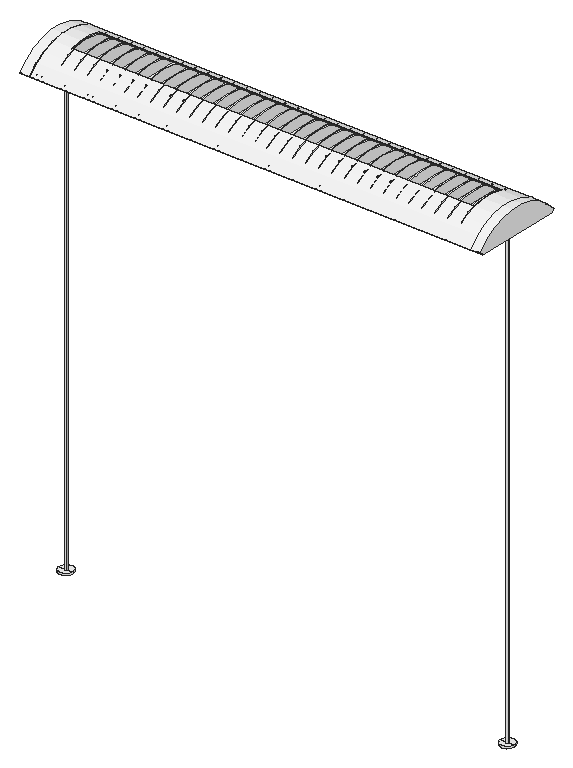
Revit family "CVRB-CM", category Lighting Fixtures, host Face, Revit 2013
Parameters (values of type "CVRB-1T8-EPU")
  Watts = 29 W
  Wattage = 29 W
  built-in parameter 1150110 = 1 (stored number, unit not read)
  Voltage = 120 V
  built-in parameter 1114217 = 1 (stored number, unit not read)
  Tilt Angle = -90.00°  # constant formula
  built-in parameter 1150109 = 1 (stored number, unit not read)
  built-in parameter 1150134 = (empty or 0)
  Suspension Height = 48"
  Wattage Comments = ""
  URL = "https://www.hubbell.com/aleralighting/en/"
  built-in parameter 1150113 = 1 (stored number, unit not read)
  Product Page URL = "https://www.hubbell.com/aleralighting/en/Products/Lighting-Controls/Commercial-Indoor-Lighting/Pendant-Lighting/CVR-B/p/19961"
  Product Documentation Link = "https://hubbellcdn.com/specsheet/cvrb.pdf"
  Power Factor = 1
  Photometric Web Link = "https://www.hubbell.com/aleralighting/en/Products/Lighting-Controls/Commercial-Indoor-Lighting/Pendant-Lighting/CVR-B/p/19961"
  Photometric Web File = "CVRB-1T8-EPU.ies"
  Photometric Notes = "More IES files download on Photometric Web Link"  # constant formula
  Model = "CVRB"  # constant formula
  Manufacturer = "Alera Lighting"  # constant formula
  Row Length = 48"
  built-in parameter 1150105 = 246.68 (stored number, unit not read)
  Lumens = 3099.81 lm
  built-in parameter 1150115 = 1 (stored number, unit not read)
  Load Classification = Lighting
  built-in parameter 1150137 = (empty or 0)
  built-in parameter 1150139 = (empty or 0)
  built-in parameter 1150112 = 1 (stored number, unit not read)
  built-in parameter 1150114 = 1 (stored number, unit not read)
  Lamp = "T5, T5HO, T8"  # constant formula
  Lamp Type = "One T8 Lamp"
  built-in parameter 1150132 = (empty or 0)
  built-in parameter 1150102 = (empty or 0)
  built-in parameter 1150107 = 3500 (stored number, unit not read)
  built-in parameter 1150138 = (empty or 0)
  built-in parameter 1150106 = 2.4668 (stored number, unit not read)
  Glass = Hubbell - White Glass
  Emit from Rectangle Width = 7"  # constant formula
  Emit from Rectangle Length = Row Length - 2"  # 46"
  Emit Shape Visible in Rendering = no
  built-in parameter 1150104 = 9.9304 (stored number, unit not read)
  Dimming Lamp Color Temperature Shift = <None>
  Description = "An attractive curvature shape with white-painted baffles that span the radius of the luminaire housing is delivered with the Curv Radial Baffle"  # constant formula
  Default Elevation = 48"
  Contact Us = "https://www.hubbell.com/aleralighting/en/contactUs"
  Color Filter = 16777215
  built-in parameter 1114218 = 1 (stored number, unit not read)
  Housing Material = Hubbell - White
  built-in parameter 1150133 = 10 (stored number, unit not read)
  Assembly Code = "D5020200"
  Apparent Load = Watts / Power Factor  # 29 VA
Types (5): name | Watts | Wattage | Photometric Web File | built-in parameter 1150105 | Lumens | Lamp Type | built-in parameter 1150106 | built-in parameter 1150104 | Apparent Load
  (no name) | 29 W | 29 W | "CVRB-1T8-EPU.ies" | 246.68 (stored number, unit not read) | 3099.81 lm | "One T8 Lamp" | 2.4668 (stored number, unit not read) | 9.9304 (stored number, unit not read) | 29 VA
  CVRB-1T8-EPU | 29 W | 29 W | "CVRB-1T8-EPU.ies" | 246.68 (stored number, unit not read) | 3099.81 lm | "One T8 Lamp" | 2.4668 (stored number, unit not read) | 9.9304 (stored number, unit not read) | 29 VA
  CVRB-2T5HO-EPU | 125 W | 125 W | "CVRB-2T5HO-EPU.ies" | 354.12 (stored number, unit not read) | 4450 lm | "Two T5HO Lamps" | 3.5412 (stored number, unit not read) | 3.3073 (stored number, unit not read) | 125 VA
  CVRB-3T8-EPU | 84 W | 84 W | "CVRB-3T8-EPU.ies" | 246.66 (stored number, unit not read) | 3099.6 lm | "Three T8 Lamps" | 2.4666 (stored number, unit not read) | 3.4281 (stored number, unit not read) | 84 VA
  CVRB-4-2T5-WCB-EPU | 63 W | 63 W | "CVRB-4-2T5-WCB-EPU.ies" | 206.85 (stored number, unit not read) | 2599.38 lm | "Two T5 Lamps" | 2.0685 (stored number, unit not read) | 3.8332 (stored number, unit not read) | 63 VA
Reference planes (in)
  plane 1 "Center (Front/Back)": y = 0.03999
  plane 2: z = 0
  plane 3 "Center (Left/Right)": x = 1.66944
  plane 4: x = -22.33056
  plane 5: x = 25.66944
  plane 6: z = 48
  plane 7: x = -21.33056
  plane 8: x = 24.66944
  plane 9: z = 48.5
Forms (in)
  Revolve 1, solid, material "Hubbell - White" <- "Housing Material"
    sketch origin (0, 0.03999, 0) x (1, 0, 0) y (0, 0, 1)
      loop
        line (-21.33056, 48) -> (-21.33056, 0) -> (-20.59744, 0) -> (-20.59744, 0.15062) -> (-21.20556, 0.15062) -> (-21.20556, 47.90062) -> (-20.98741, 47.90062) -> (-20.98741, 48) -> (-21.33056, 48)
      axis (-21.33056, 48) -> (-21.33056, 0)
    angle from 0 to 360
  Revolve 2, solid, material "Hubbell - White" <- "Housing Material"
    sketch origin (0, 0.03999, 0) x (1, 0, 0) y (0, 0, 1)
      loop
        line (24.66944, 48) -> (24.66944, 0) -> (25.40256, 0) -> (25.40256, 0.15062) -> (24.79444, 0.15062) -> (24.79444, 47.90062) -> (25.01259, 47.90062) -> (25.01259, 48) -> (24.66944, 48)
      axis (24.66944, 48) -> (24.66944, 0)
    angle from 0 to 360
Dimensions and locks (in)
  equal spacing: plane 5, plane 3 "Center (Left/Right)", plane 4
  "Suspension Height": plane 6 to level
  equal spacing: plane 8, plane 3 "Center (Left/Right)", plane 7
  locked: plane 7 to plane 4 at 1
  "Row Length": plane 5 to plane 4
  locked: plane 9 to plane 6 at 0.5
  aligned and locked: plane 2 to host face
  aligned and locked: level to host face
  aligned and locked: Revolve 1 sketch curve to plane 7
  aligned and locked: Revolve 1 sketch curve to plane 6
  aligned and locked: host face to Revolve 1 sketch curve
  aligned and locked: Revolve 1 sketch curve to Revolve 1 sketch curve
  aligned and locked: Revolve 2 sketch curve to Revolve 2 sketch curve
  aligned and locked: plane 8 to Revolve 2 sketch curve
  aligned and locked: plane 1 "Center (Front/Back)" to nested 1
  aligned and locked: plane 3 "Center (Left/Right)" to nested 1
  aligned and locked: plane 9 to imposter light
  aligned and locked: imposter light to plane 1 "Center (Front/Back)"
Automatic sketch dimensions
  host sketch curve to host sketch curve = 96"  (x2)
  Revolve 1 sketch curve to plane 6 = 0.09938"
  plane 7 to Revolve 1 sketch curve = 1/8"
  Revolve 1 sketch curve to Revolve 1 sketch curve = 0.21815"
  Revolve 1 sketch curve to Revolve 1 sketch curve = 0.60812"
  Revolve 1 sketch curve to level = 8"
  Revolve 1 sketch curve to Revolve 1 sketch curve = 0.15062"
  Revolve 1 sketch curve to Revolve 1 sketch curve = 2 1/2"
  Revolve 2 sketch curve to plane 6 = 0"
  Revolve 2 sketch curve to level = 0"
  Revolve 2 sketch curve to plane 6 = 0.09938"
  Revolve 2 sketch curve to plane 8 = 1/8"
  Revolve 2 sketch curve to Revolve 2 sketch curve = 0.21815"
  Revolve 2 sketch curve to plane 5 = 0.26688"
  Revolve 2 sketch curve to Revolve 2 sketch curve = 8"
  level to Revolve 2 sketch curve = 0.15062"
  Revolve 2 sketch curve to Revolve 2 sketch curve = 2 1/2"
Nested families (in)
  nested 1: "CVRB-Housing" at (3.71711, 0, 48), Opal Lens <- "Glass", Backbox <- "Housing Material", type "CVRB"
    with Opal Lens Hubbell - White Glass, Backbox Hubbell - White, Row Length 48"
Connectors (in)
  electrical at (-21.33056, 0.03999, 0.15062), driven by "Load Classification", driven by "Voltage", driven by "Apparent Load", driven by "Power Factor"
    settings: on Revolve 1, index 1, voltage 120 V, apparent load 29 VA, apparent load phase1 0 VA, apparent load phase2 0 VA, apparent load phase3 0 VA, power factor 1, load classification "Lighting", number of poles 1, system type 30, power factor state 1, is connector primary yes, connector utility no, sub classification motor no, connector description "Lighting Connector"
Definition of nested family "CVRB-Housing"
  Parameters (values of type "CVRB")
    Wattage Comments = ""
    URL = ""
    Row Length = 144"
    Model = ""
    Manufacturer = ""
    Lamp = ""
    Opal Lens [instance] = none
    Description = ""
    Default Elevation = 48"
    Backbox [instance] = none
  Reference planes (in)
    plane 1 "Center (Front/Back)": y = 0.03999
    plane 2: z = 0
    plane 3 "Center (Left/Right)": x = -2.04767
    plane 4: x = -74.04767
    plane 5: x = 69.95233
    plane 6: x = -73.04767
    plane 7: x = 68.95233
    plane 8: y = 4.78999
    plane 9: y = -4.71001
    plane 10: z = 2.5
    plane 11: z = 2.425
    plane 12: x = -71.04767
    plane 13: x = 66.95233
    plane 14: z = 1.375
    plane 15: x = -70.94767
    plane 16: x = 66.85233
    plane 17: x = -70.84767
  Forms (in)
    Extrusion 1, solid
      sketch origin (0, 0, 0.06357) x (1, 0, 0) y (0, 1, 0)
        loop
          line (-52.04767, 48) -> (-52.04767, -48) -> (47.95233, -48) -> (47.95233, 48) -> (-52.04767, 48)
      from -0.06357 to -6.06357
    Extrusion 2, solid, material <- "Backbox"
      sketch origin (-2.04767, 0, 0) x (0, 1, 0) y (0, 0, 1)
        loop
          line (4.53999, 0) -> (4.78999, 0.25)
          arc (4.78999, 0.25) -> (0.03999, 2.5) -> (-4.71001, 0.25) r 6.13889
          line (-4.71001, 0.25) -> (-4.46001, 0) -> (0.03999, 0) -> (4.53999, 0)
      from 71 to 72
    Extrusion 3, solid, material <- "Backbox"
      sketch origin (-2.04767, 0, 0) x (0, 1, 0) y (0, 0, 1)
        loop
          line (4.53999, 0) -> (4.78999, 0.25)
          arc (4.78999, 0.25) -> (0.03999, 2.5) -> (-4.71001, 0.25) r 6.13889
          line (-4.71001, 0.25) -> (-4.46001, 0) -> (4.53999, 0)
      from -72 to -71
    Extrusion 4, solid, material <- "Backbox"
      sketch origin (-2.04767, 0, 0) x (0, 1, 0) y (0, 0, 1)
        loop
          line (4.03999, 0) -> (4.28999, 0.25) -> (4.53999, 0) -> (4.78999, 0.25)
          arc (4.78999, 0.25) -> (0.03999, 2.5) -> (-4.71001, 0.25) r 6.13889
          line (-4.71001, 0.25) -> (-4.46001, 0) -> (-4.21001, 0.25) -> (-3.96001, 0) -> (-3.76063, 0) -> (-3.17626, 1.3125) -> (3.25625, 1.3125) -> (3.84061, 0) -> (4.03999, 0)
        loop
          arc (4.72145, 0.25328) -> (0.03999, 2.44922) -> (-4.64147, 0.25328) r 6.08811
          line (-4.64147, 0.25328) -> (-4.46001, 0.07182) -> (-4.21001, 0.32182) -> (-3.93897, 0.05078) -> (-3.79823, 0.05078) -> (-3.20865, 1.375) -> (3.28864, 1.375) -> (3.87822, 0.05078) -> (4.01896, 0.05078) -> (4.28999, 0.32182) -> (4.53999, 0.07182) -> (4.72145, 0.25328)
      from -71 to 71
    Extrusion 5, void
      sketch origin (-2.04767, 0, 0) x (0, 1, 0) y (0, 0, 1)
        loop
          arc (-1.73213, 2.15292) -> (0.03999, 2.41797) -> (1.81212, 2.15292) r 6.05686
          line (1.81212, 2.15292) -> (1.81212, 2.27129)
          arc (1.81212, 2.27129) -> (0.03999, 2.53125) -> (-1.73213, 2.27129) r 6.17014
          line (-1.73213, 2.27129) -> (-1.73213, 2.15292)
      from -69 to 69
    Extrusion 6, solid, material <- "Opal Lens"
      sketch origin (-2.04767, 0, 0) x (0, 1, 0) y (0, 0, 1)
        loop
          arc (-1.73213, 2.1856) -> (0.03999, 2.44922) -> (1.81212, 2.1856) r 6.08811
          line (1.81212, 2.1856) -> (1.81212, 2.23866)
          arc (1.81212, 2.23866) -> (0.03999, 2.5) -> (-1.73213, 2.23866) r 6.13889
          line (-1.73213, 2.23866) -> (-1.73213, 2.1856)
      from -69 to 69
    Extrusion 7, solid, material <- "Backbox"
      sketch origin (-2.04767, 0, 0) x (0, 1, 0) y (0, 0, 1)
        loop
          line (3.84061, 0) -> (3.25625, 1.3125) -> (2.03999, 1.3125) -> (2.03999, 0) -> (3.84061, 0)
        loop
          line (-3.76063, 0) -> (-1.96001, 0) -> (-1.96001, 1.3125) -> (-3.17626, 1.3125) -> (-3.76063, 0)
      from -71 to 71
    Extrusion 8, solid, material <- "Backbox"
      sketch origin (-46.94767, 5.28781, 48) x (0, 1, 0) y (0, 0, 1)
        loop
          arc (-1.79442, -46.625) -> (-5.24782, -45.55078) -> (-8.70122, -46.625) r 6.08811
          line (-8.70122, -46.625) -> (-1.79442, -46.625)
      from -24 to -23.9
    Extrusion 9, solid, material <- "Backbox"
      sketch origin (90.75233, 5.28781, 48) x (0, 1, 0) y (0, 0, 1)
        loop
          arc (-1.79442, -46.625) -> (-5.24782, -45.55078) -> (-8.70122, -46.625) r 6.08811
          line (-8.70122, -46.625) -> (-1.79442, -46.625)
      from -24 to -23.9
    Extrusion 10, solid, material <- "Backbox"
      sketch origin (-42.50574, 5.28781, 48) x (0, 1, 0) y (0, 0, 1)
        loop
          arc (-1.79442, -46.625) -> (-5.24782, -45.55078) -> (-8.70122, -46.625) r 6.08811
          line (-8.70122, -46.625) -> (-1.79442, -46.625)
      from -24 to -23.9
    Extrusion 11, solid, material <- "Backbox"
      sketch origin (-38.0638, 5.28781, 48) x (0, 1, 0) y (0, 0, 1)
        loop
          arc (-1.79442, -46.625) -> (-5.24782, -45.55078) -> (-8.70122, -46.625) r 6.08811
          line (-8.70122, -46.625) -> (-1.79442, -46.625)
      from -24 to -23.9
    Extrusion 12, solid, material <- "Backbox"
      sketch origin (-33.62186, 5.28781, 48) x (0, 1, 0) y (0, 0, 1)
        loop
          arc (-1.79442, -46.625) -> (-5.24782, -45.55078) -> (-8.70122, -46.625) r 6.08811
          line (-8.70122, -46.625) -> (-1.79442, -46.625)
      from -24 to -23.9
    Extrusion 13, solid, material <- "Backbox"
      sketch origin (-29.17993, 5.28781, 48) x (0, 1, 0) y (0, 0, 1)
        loop
          arc (-1.79442, -46.625) -> (-5.24782, -45.55078) -> (-8.70122, -46.625) r 6.08811
          line (-8.70122, -46.625) -> (-1.79442, -46.625)
      from -24 to -23.9
    Extrusion 14, solid, material <- "Backbox"
      sketch origin (-24.73799, 5.28781, 48) x (0, 1, 0) y (0, 0, 1)
        loop
          arc (-1.79442, -46.625) -> (-5.24782, -45.55078) -> (-8.70122, -46.625) r 6.08811
          line (-8.70122, -46.625) -> (-1.79442, -46.625)
      from -24 to -23.9
    Extrusion 15, solid, material <- "Backbox"
      sketch origin (-20.29606, 5.28781, 48) x (0, 1, 0) y (0, 0, 1)
        loop
          arc (-1.79442, -46.625) -> (-5.24782, -45.55078) -> (-8.70122, -46.625) r 6.08811
          line (-8.70122, -46.625) -> (-1.79442, -46.625)
      from -24 to -23.9
    Extrusion 16, solid, material <- "Backbox"
      sketch origin (-15.85412, 5.28781, 48) x (0, 1, 0) y (0, 0, 1)
        loop
          arc (-1.79442, -46.625) -> (-5.24782, -45.55078) -> (-8.70122, -46.625) r 6.08811
          line (-8.70122, -46.625) -> (-1.79442, -46.625)
      from -24 to -23.9
    Extrusion 17, solid, material <- "Backbox"
      sketch origin (-11.41219, 5.28781, 48) x (0, 1, 0) y (0, 0, 1)
        loop
          arc (-1.79442, -46.625) -> (-5.24782, -45.55078) -> (-8.70122, -46.625) r 6.08811
          line (-8.70122, -46.625) -> (-1.79442, -46.625)
      from -24 to -23.9
    Extrusion 18, solid, material <- "Backbox"
      sketch origin (-6.97025, 5.28781, 48) x (0, 1, 0) y (0, 0, 1)
        loop
          arc (-1.79442, -46.625) -> (-5.24782, -45.55078) -> (-8.70122, -46.625) r 6.08811
          line (-8.70122, -46.625) -> (-1.79442, -46.625)
      from -24 to -23.9
    Extrusion 19, solid, material <- "Backbox"
      sketch origin (-2.52832, 5.28781, 48) x (0, 1, 0) y (0, 0, 1)
        loop
          arc (-1.79442, -46.625) -> (-5.24782, -45.55078) -> (-8.70122, -46.625) r 6.08811
          line (-8.70122, -46.625) -> (-1.79442, -46.625)
      from -24 to -23.9
    Extrusion 20, solid, material <- "Backbox"
      sketch origin (1.91362, 5.28781, 48) x (0, 1, 0) y (0, 0, 1)
        loop
          arc (-1.79442, -46.625) -> (-5.24782, -45.55078) -> (-8.70122, -46.625) r 6.08811
          line (-8.70122, -46.625) -> (-1.79442, -46.625)
      from -24 to -23.9
    Extrusion 21, solid, material <- "Backbox"
      sketch origin (6.35556, 5.28781, 48) x (0, 1, 0) y (0, 0, 1)
        loop
          arc (-1.79442, -46.625) -> (-5.24782, -45.55078) -> (-8.70122, -46.625) r 6.08811
          line (-8.70122, -46.625) -> (-1.79442, -46.625)
      from -24 to -23.9
    Extrusion 22, solid, material <- "Backbox"
      sketch origin (10.79749, 5.28781, 48) x (0, 1, 0) y (0, 0, 1)
        loop
          arc (-1.79442, -46.625) -> (-5.24782, -45.55078) -> (-8.70122, -46.625) r 6.08811
          line (-8.70122, -46.625) -> (-1.79442, -46.625)
      from -24 to -23.9
    Extrusion 23, solid, material <- "Backbox"
      sketch origin (15.23943, 5.28781, 48) x (0, 1, 0) y (0, 0, 1)
        loop
          arc (-1.79442, -46.625) -> (-5.24782, -45.55078) -> (-8.70122, -46.625) r 6.08811
          line (-8.70122, -46.625) -> (-1.79442, -46.625)
      from -24 to -23.9
    Extrusion 24, solid, material <- "Backbox"
      sketch origin (19.68136, 5.28781, 48) x (0, 1, 0) y (0, 0, 1)
        loop
          arc (-1.79442, -46.625) -> (-5.24782, -45.55078) -> (-8.70122, -46.625) r 6.08811
          line (-8.70122, -46.625) -> (-1.79442, -46.625)
      from -24 to -23.9
    Extrusion 25, solid, material <- "Backbox"
      sketch origin (24.1233, 5.28781, 48) x (0, 1, 0) y (0, 0, 1)
        loop
          arc (-1.79442, -46.625) -> (-5.24782, -45.55078) -> (-8.70122, -46.625) r 6.08811
          line (-8.70122, -46.625) -> (-1.79442, -46.625)
      from -24 to -23.9
    Extrusion 26, solid, material <- "Backbox"
      sketch origin (28.56523, 5.28781, 48) x (0, 1, 0) y (0, 0, 1)
        loop
          arc (-1.79442, -46.625) -> (-5.24782, -45.55078) -> (-8.70122, -46.625) r 6.08811
          line (-8.70122, -46.625) -> (-1.79442, -46.625)
      from -24 to -23.9
    Extrusion 27, solid, material <- "Backbox"
      sketch origin (33.00717, 5.28781, 48) x (0, 1, 0) y (0, 0, 1)
        loop
          arc (-1.79442, -46.625) -> (-5.24782, -45.55078) -> (-8.70122, -46.625) r 6.08811
          line (-8.70122, -46.625) -> (-1.79442, -46.625)
      from -24 to -23.9
    Extrusion 28, solid, material <- "Backbox"
      sketch origin (37.4491, 5.28781, 48) x (0, 1, 0) y (0, 0, 1)
        loop
          arc (-1.79442, -46.625) -> (-5.24782, -45.55078) -> (-8.70122, -46.625) r 6.08811
          line (-8.70122, -46.625) -> (-1.79442, -46.625)
      from -24 to -23.9
    Extrusion 29, solid, material <- "Backbox"
      sketch origin (41.89104, 5.28781, 48) x (0, 1, 0) y (0, 0, 1)
        loop
          arc (-1.79442, -46.625) -> (-5.24782, -45.55078) -> (-8.70122, -46.625) r 6.08811
          line (-8.70122, -46.625) -> (-1.79442, -46.625)
      from -24 to -23.9
    Extrusion 30, solid, material <- "Backbox"
      sketch origin (46.33297, 5.28781, 48) x (0, 1, 0) y (0, 0, 1)
        loop
          arc (-1.79442, -46.625) -> (-5.24782, -45.55078) -> (-8.70122, -46.625) r 6.08811
          line (-8.70122, -46.625) -> (-1.79442, -46.625)
      from -24 to -23.9
    Extrusion 31, solid, material <- "Backbox"
      sketch origin (50.77491, 5.28781, 48) x (0, 1, 0) y (0, 0, 1)
        loop
          arc (-1.79442, -46.625) -> (-5.24782, -45.55078) -> (-8.70122, -46.625) r 6.08811
          line (-8.70122, -46.625) -> (-1.79442, -46.625)
      from -24 to -23.9
    Extrusion 32, solid, material <- "Backbox"
      sketch origin (55.21685, 5.28781, 48) x (0, 1, 0) y (0, 0, 1)
        loop
          arc (-1.79442, -46.625) -> (-5.24782, -45.55078) -> (-8.70122, -46.625) r 6.08811
          line (-8.70122, -46.625) -> (-1.79442, -46.625)
      from -24 to -23.9
    Extrusion 33, solid, material <- "Backbox"
      sketch origin (59.65878, 5.28781, 48) x (0, 1, 0) y (0, 0, 1)
        loop
          arc (-1.79442, -46.625) -> (-5.24782, -45.55078) -> (-8.70122, -46.625) r 6.08811
          line (-8.70122, -46.625) -> (-1.79442, -46.625)
      from -24 to -23.9
    Extrusion 34, solid, material <- "Backbox"
      sketch origin (64.10072, 5.28781, 48) x (0, 1, 0) y (0, 0, 1)
        loop
          arc (-1.79442, -46.625) -> (-5.24782, -45.55078) -> (-8.70122, -46.625) r 6.08811
          line (-8.70122, -46.625) -> (-1.79442, -46.625)
      from -24 to -23.9
    Extrusion 35, solid, material <- "Backbox"
      sketch origin (68.54265, 5.28781, 48) x (0, 1, 0) y (0, 0, 1)
        loop
          arc (-1.79442, -46.625) -> (-5.24782, -45.55078) -> (-8.70122, -46.625) r 6.08811
          line (-8.70122, -46.625) -> (-1.79442, -46.625)
      from -24 to -23.9
    Extrusion 36, solid, material <- "Backbox"
      sketch origin (72.98459, 5.28781, 48) x (0, 1, 0) y (0, 0, 1)
        loop
          arc (-1.79442, -46.625) -> (-5.24782, -45.55078) -> (-8.70122, -46.625) r 6.08811
          line (-8.70122, -46.625) -> (-1.79442, -46.625)
      from -24 to -23.9
    Extrusion 37, solid, material <- "Backbox"
      sketch origin (77.42652, 5.28781, 48) x (0, 1, 0) y (0, 0, 1)
        loop
          arc (-1.79442, -46.625) -> (-5.24782, -45.55078) -> (-8.70122, -46.625) r 6.08811
          line (-8.70122, -46.625) -> (-1.79442, -46.625)
      from -24 to -23.9
    Extrusion 38, solid, material <- "Backbox"
      sketch origin (81.86846, 5.28781, 48) x (0, 1, 0) y (0, 0, 1)
        loop
          arc (-1.79442, -46.625) -> (-5.24782, -45.55078) -> (-8.70122, -46.625) r 6.08811
          line (-8.70122, -46.625) -> (-1.79442, -46.625)
      from -24 to -23.9
    Extrusion 39, solid, material <- "Backbox"
      sketch origin (86.31039, 5.28781, 48) x (0, 1, 0) y (0, 0, 1)
        loop
          arc (-1.79442, -46.625) -> (-5.24782, -45.55078) -> (-8.70122, -46.625) r 6.08811
          line (-8.70122, -46.625) -> (-1.79442, -46.625)
      from -24 to -23.9
  Cuts and joins
    Extrusion 5 cuts Extrusion 2
    Extrusion 5 cuts Extrusion 3
    Extrusion 5 cuts Extrusion 4
    joined: Extrusion 2, Extrusion 3, Extrusion 4
  Dimensions and locks (in)
    equal spacing: plane 5, plane 3 "Center (Left/Right)", plane 4
    plane 6 to plane 4 = 1"
    equal spacing: plane 8, plane 1 "Center (Front/Back)", plane 9
    locked: plane 8 to plane 9 at 9.5
    locked: plane 10 to Extrusion 1 at 2.5
    "Row Length": plane 5 to plane 4
    equal spacing: plane 7, plane 3 "Center (Left/Right)", plane 6
    locked: plane 6 to plane 12 at 2
    Extrusion 1 sketch curve to plane 3 "Center (Left/Right)" to Extrusion 1 sketch curve = 50", 50"
    locked: Extrusion 4 sketch curve to Extrusion 4 sketch curve at 0.38383  (x2)
    locked: plane 13 to plane 7 at 2
    locked: plane 14 to Extrusion 1 at 1.375
    Extrusion 7 sketch curve to plane 1 "Center (Front/Back)" to Extrusion 7 sketch curve = 2" locked, 2" locked
    locked: plane 12 to plane 15 at 0.1
    locked: plane 16 to plane 13 at 0.1
    locked: plane 15 to plane 17 at 0.1
    equal spacing: group 1, group 3, group 4, group 5, group 6, group 7, group 8, group 9, group 10, group 11, group 12, group 13, group 14, group 15, group 16, group 17, group 18, group 19, group 20, group 21, group 22, group 23, group 24, group 25, group 26, group 27, group 28, group 29, group 30, group 31, group 32, group 2  (x3)
    aligned and locked: plane 2 to Extrusion 1
    aligned and locked: level to Extrusion 1
    aligned and locked: plane 5 to Extrusion 2
    aligned and locked: Extrusion 2 to plane 7
    aligned and locked: Extrusion 3 to plane 4
    aligned and locked: plane 6 to Extrusion 3
    aligned and locked: Extrusion 4 to plane 6
    aligned and locked: plane 7 to Extrusion 4
    aligned and locked: Extrusion 1 to Extrusion 4 sketch curve
    aligned and locked: cut or joined group of Extrusion 2, Extrusion 3, Extrusion 4, Extrusion 5 to plane 12
    aligned and locked: plane 13 to cut or joined group of Extrusion 2, Extrusion 3, Extrusion 4, Extrusion 5
    aligned and locked: Extrusion 6 to plane 12
    aligned and locked: plane 13 to Extrusion 6
    aligned and locked: Extrusion 1 to Extrusion 2 sketch curve
    aligned and locked: Extrusion 3 sketch curve to Extrusion 1
    aligned and locked: Extrusion 4 sketch curve to plane 14
    aligned and locked: cut or joined group of Extrusion 2, Extrusion 3, Extrusion 4, Extrusion 5 to Extrusion 7 sketch curve  (x2)
    aligned and locked: Extrusion 7 sketch curve to cut or joined group of Extrusion 2, Extrusion 3, Extrusion 4, Extrusion 5  (x4)
    aligned and locked: Extrusion 7 to plane 6
    aligned and locked: plane 7 to Extrusion 7
    aligned and locked: Extrusion 6 sketch curve to cut or joined group of Extrusion 2, Extrusion 3, Extrusion 4, Extrusion 5  (x2)
    aligned and locked: Extrusion 5 sketch curve to Extrusion 6  (x2)
    aligned and locked: Extrusion 8 to plane 15
    aligned and locked: plane 17 to Extrusion 8
    aligned and locked: plane 16 to Extrusion 9
  Automatic sketch dimensions
    Extrusion 1 sketch curve to Extrusion 1 sketch curve = 96"
    Extrusion 2 sketch curve to plane 1 "Center (Front/Back)" = 0"  (x2)
    Extrusion 2 sketch curve to plane 9 = 1/4"
    plane 8 to Extrusion 2 sketch curve = 1/4"
    plane 9 to Extrusion 2 sketch curve = 0"
    Extrusion 2 sketch curve to plane 8 = 0"
    Extrusion 2 sketch curve to level = 3.63889"
    level to Extrusion 2 sketch curve = 1/4"
    Extrusion 3 sketch curve to plane 9 = 0"
    Extrusion 3 sketch curve to plane 1 "Center (Front/Back)" = 0"
    Extrusion 3 sketch curve to plane 8 = 0"
    Extrusion 3 sketch curve to plane 9 = 1/4"
    plane 8 to Extrusion 3 sketch curve = 1/4"
    Extrusion 3 sketch curve to level = 3.63889"
    level to Extrusion 3 sketch curve = 1/4"
    Extrusion 4 sketch curve to Extrusion 4 sketch curve = 0"  (x6)
    Extrusion 4 sketch curve to plane 9 = 0"
    Extrusion 4 sketch curve to level = 0"  (x3)
    Extrusion 4 sketch curve to plane 1 "Center (Front/Back)" = 0"
    Extrusion 4 sketch curve to plane 8 = 0"
    Extrusion 4 sketch curve to plane 9 = 0.06854"
    level to Extrusion 4 sketch curve = 0.07182"  (x2)
    Extrusion 4 sketch curve to plane 9 = 1/4"
    Extrusion 4 sketch curve to Extrusion 4 sketch curve = 1/4"
    level to Extrusion 4 sketch curve = 1/4"
    Extrusion 4 sketch curve to Extrusion 4 sketch curve = 0.02103"  (x2)
    level to Extrusion 4 sketch curve = 13/256"  (x2)
    Extrusion 4 sketch curve to Extrusion 4 sketch curve = 0.14074"  (x2)
    Extrusion 4 sketch curve to Extrusion 4 sketch curve = 0.03761"  (x2)
    Extrusion 4 sketch curve to Extrusion 4 sketch curve = 0.58958"
    Extrusion 4 sketch curve to plane 14 = 1/16"
    Extrusion 4 sketch curve to Extrusion 4 sketch curve = 0.03239"  (x2)
    Extrusion 4 sketch curve to Extrusion 4 sketch curve = 0.69938"
    Extrusion 4 sketch curve to Extrusion 4 sketch curve = 0.62197"
    Extrusion 5 sketch curve to Extrusion 5 sketch curve = 0"  (x2)
    Extrusion 5 sketch curve to plane 1 "Center (Front/Back)" = 0"
    Extrusion 5 sketch curve to level = 3.63889"
    Extrusion 8 sketch curve to Extrusion 8 sketch curve = 3.4534"
    Extrusion 8 sketch curve to Extrusion 8 sketch curve = 5.01389"
    Extrusion 9 sketch curve to Extrusion 9 sketch curve = 3.4534"
    Extrusion 9 sketch curve to Extrusion 9 sketch curve = 5.01389"
    Extrusion 10 sketch curve to Extrusion 10 sketch curve = 3.4534"
    Extrusion 10 sketch curve to Extrusion 10 sketch curve = 5.01389"
    Extrusion 11 sketch curve to Extrusion 11 sketch curve = 3.4534"
    Extrusion 11 sketch curve to Extrusion 11 sketch curve = 5.01389"
    Extrusion 12 sketch curve to Extrusion 12 sketch curve = 3.4534"
    Extrusion 12 sketch curve to Extrusion 12 sketch curve = 5.01389"
    Extrusion 13 sketch curve to Extrusion 13 sketch curve = 3.4534"
    Extrusion 13 sketch curve to Extrusion 13 sketch curve = 5.01389"
    Extrusion 14 sketch curve to Extrusion 14 sketch curve = 3.4534"
    Extrusion 14 sketch curve to Extrusion 14 sketch curve = 5.01389"
    Extrusion 15 sketch curve to Extrusion 15 sketch curve = 3.4534"
    Extrusion 15 sketch curve to Extrusion 15 sketch curve = 5.01389"
    Extrusion 16 sketch curve to Extrusion 16 sketch curve = 3.4534"
    Extrusion 16 sketch curve to Extrusion 16 sketch curve = 5.01389"
    Extrusion 17 sketch curve to Extrusion 17 sketch curve = 3.4534"
    Extrusion 17 sketch curve to Extrusion 17 sketch curve = 5.01389"
    Extrusion 18 sketch curve to Extrusion 18 sketch curve = 3.4534"
    Extrusion 18 sketch curve to Extrusion 18 sketch curve = 5.01389"
    Extrusion 19 sketch curve to Extrusion 19 sketch curve = 3.4534"
    Extrusion 19 sketch curve to Extrusion 19 sketch curve = 5.01389"
    Extrusion 20 sketch curve to Extrusion 20 sketch curve = 3.4534"
    Extrusion 20 sketch curve to Extrusion 20 sketch curve = 5.01389"
    Extrusion 21 sketch curve to Extrusion 21 sketch curve = 3.4534"
    Extrusion 21 sketch curve to Extrusion 21 sketch curve = 5.01389"
    Extrusion 22 sketch curve to Extrusion 22 sketch curve = 3.4534"
    Extrusion 22 sketch curve to Extrusion 22 sketch curve = 5.01389"
    Extrusion 23 sketch curve to Extrusion 23 sketch curve = 3.4534"
    Extrusion 23 sketch curve to Extrusion 23 sketch curve = 5.01389"
    Extrusion 24 sketch curve to Extrusion 24 sketch curve = 3.4534"
    Extrusion 24 sketch curve to Extrusion 24 sketch curve = 5.01389"
    Extrusion 25 sketch curve to Extrusion 25 sketch curve = 3.4534"
    Extrusion 25 sketch curve to Extrusion 25 sketch curve = 5.01389"
    Extrusion 26 sketch curve to Extrusion 26 sketch curve = 3.4534"
    Extrusion 26 sketch curve to Extrusion 26 sketch curve = 5.01389"
    Extrusion 27 sketch curve to Extrusion 27 sketch curve = 3.4534"
    Extrusion 27 sketch curve to Extrusion 27 sketch curve = 5.01389"
    Extrusion 28 sketch curve to Extrusion 28 sketch curve = 3.4534"
    Extrusion 28 sketch curve to Extrusion 28 sketch curve = 5.01389"
    Extrusion 29 sketch curve to Extrusion 29 sketch curve = 3.4534"
    Extrusion 29 sketch curve to Extrusion 29 sketch curve = 5.01389"
    Extrusion 30 sketch curve to Extrusion 30 sketch curve = 3.4534"
    Extrusion 30 sketch curve to Extrusion 30 sketch curve = 5.01389"
    Extrusion 31 sketch curve to Extrusion 31 sketch curve = 3.4534"
    Extrusion 31 sketch curve to Extrusion 31 sketch curve = 5.01389"
    Extrusion 32 sketch curve to Extrusion 32 sketch curve = 3.4534"
    Extrusion 32 sketch curve to Extrusion 32 sketch curve = 5.01389"
    Extrusion 33 sketch curve to Extrusion 33 sketch curve = 3.4534"
    Extrusion 33 sketch curve to Extrusion 33 sketch curve = 5.01389"
    Extrusion 34 sketch curve to Extrusion 34 sketch curve = 3.4534"
    Extrusion 34 sketch curve to Extrusion 34 sketch curve = 5.01389"
    Extrusion 35 sketch curve to Extrusion 35 sketch curve = 3.4534"
    Extrusion 35 sketch curve to Extrusion 35 sketch curve = 5.01389"
    Extrusion 36 sketch curve to Extrusion 36 sketch curve = 3.4534"
    Extrusion 36 sketch curve to Extrusion 36 sketch curve = 5.01389"
    Extrusion 37 sketch curve to Extrusion 37 sketch curve = 3.4534"
    Extrusion 37 sketch curve to Extrusion 37 sketch curve = 5.01389"
    Extrusion 38 sketch curve to Extrusion 38 sketch curve = 3.4534"
    Extrusion 38 sketch curve to Extrusion 38 sketch curve = 5.01389"
    Extrusion 39 sketch curve to Extrusion 39 sketch curve = 3.4534"
    Extrusion 39 sketch curve to Extrusion 39 sketch curve = 5.01389"
    Extrusion 5 sketch curve to plane 11 = 0.27208"
    Extrusion 5 sketch curve to Extrusion 5 sketch curve = 0.11836"
    Extrusion 6 sketch curve to plane 11 = 0.2394"  (x2)
